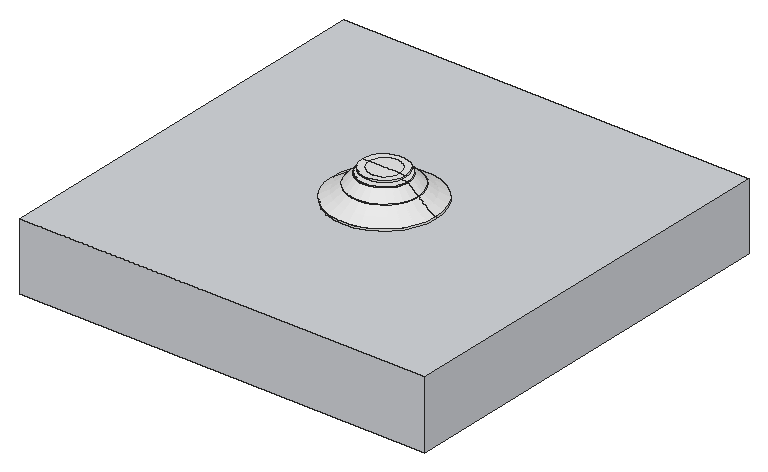
Revit family "SK-HEAT-HT-W.BIM", category Fire Alarm Devices, host Face, Revit 2020 (continued)
Lines and regions (in)
  symbolic lines, style "0", visible <- "Puck_Ceiling", not visible
    curve 573: arc (-7.40824, 0, 1.69596) -> (-7.85767, 0, 1.6895) -> (-8.30672, 0, 1.67013) r 15.63962
    curve 574: arc (-5.9519, 0, 1.35952) -> (-5.68707, 0, 1.07567) -> (-5.40168, 0, 0.8125) r 5.16892
    curve 575: arc (-6.50976, 0, 1.67013) -> (-6.95882, 0, 1.6895) -> (-7.40824, 0, 1.69596) r 15.63962
    curve 576: line (-5.9519, 0, 1.35952) -> (-6.00295, 0, 1.35952)
    curve 577: line (-6.00295, 0, 1.35952) -> (-6.00295, 0, 1.39297)
    curve 578: line (-6.00295, 0, 1.39297) -> (-7.40824, 0, 1.39297)
    curve 579: line (-7.40824, 0, 1.39297) -> (-8.81353, 0, 1.39297)
    curve 580: line (-8.81353, 0, 1.39297) -> (-8.81353, 0, 1.35952)
    curve 581: line (-8.81353, 0, 1.35952) -> (-8.86458, 0, 1.35952)
    curve 582: line (-7.13967, 0, 1.39297) -> (-7.13967, 0, 1.58784)
    curve 583: line (-7.13967, 0, 1.58784) -> (-6.13131, 0, 1.58784)
    curve 584: line (-6.13131, 0, 1.58784) -> (-6.13131, 0, 1.67013)
    curve 585: line (-6.13131, 0, 1.67013) -> (-6.50976, 0, 1.67013)
    curve 586: line (-6.50976, 0, 1.67013) -> (-8.30672, 0, 1.67013)
    curve 587: line (-8.30672, 0, 1.67013) -> (-8.68518, 0, 1.67013)
    curve 588: line (-8.68518, 0, 1.67013) -> (-8.68518, 0, 1.58784)
    curve 589: line (-8.68518, 0, 1.58784) -> (-7.67681, 0, 1.58784)
    curve 590: line (-7.67681, 0, 1.58784) -> (-7.67681, 0, 1.39297)
    curve 591: line (-7.40824, 0, 0) -> (-9.4148, 0, 0)
    curve 592: line (-9.4148, 0, 0) -> (-9.4148, 0, 0.8125)
    curve 593: line (-9.4148, 0, 0.8125) -> (-5.40168, 0, 0.8125)
    curve 594: line (-5.40168, 0, 0.8125) -> (-5.40168, 0, 0)
    curve 595: line (-5.40168, 0, 0) -> (-7.40824, 0, 0)
    curve 596: line (-8.81353, 0, 1.35952) -> (-6.00295, 0, 1.35952)
    curve 597: line (-7.67681, 0, 1.58784) -> (-7.13967, 0, 1.58784)
Dimensions and locks (in)
  "Base Thickness": plane 4 "Base Depth" to Extrusion 1
  plane 4 "Base Depth" to Extrusion 1 = 0' - 0 7/8"
  aligned and locked: plane 2 to Extrusion 1
  aligned and locked: level to Extrusion 1
Nested families (in)
  nested 1: "Detector Head-Select_Series" at (-0.00157, -0.00039, 0.875), type "Standard"
  nested 2: "DetectorBase-Select_Series" at (-0.00157, -0.00039, 0), type <- "Base Select", type "Flanged Base"
  nested 3: "Heat Det Annot 0" at (0.00532, 0, 0), type "Heat Det Annot 0"
Connectors (in)
  electrical at (0, 0, 0), driven by "Main Electrical Connection"
    settings: index 1, voltage 0 V, apparent load 0 VA, apparent load phase1 0 VA, apparent load phase2 0 VA, apparent load phase3 0 VA, power factor 1, load classification "Other", number of poles 1, system type 11, power factor state 1, is connector primary yes, connector utility no, sub classification motor no, connector description "Signaling Line Circuit"
Definition of nested family "Detector Head-Select_Series"
  Parameters
    URL = ""
    Mounting Requirements = ""
    Model = ""
    Manufacturer = ""
    Finish = none
    Description = ""
    Default Elevation = 4' - 0"
    Assembly Code = ""
  Reference planes (in)
    plane 1 "Center (Front/Back)": y = 0
    plane 2: z = 0
    plane 3 "Center (Left/Right)": x = 0
  Forms (in)
    Extrusion 1, solid
      sketch origin (0, 0, 0) x (1, 0, 0) y (0, 1, 0)
        loop
          line (-48, 48) -> (-48, -48) -> (48, -48) -> (48, 48) -> (-48, 48)
      from 0 to -12
    Revolve 2, solid, material <- "Finish"
      sketch origin (11.31755, 0, -3.91382) x (1, 0, 0) y (0, 0, 1)
        loop
          line (-12.72282, 4.44512) -> (-12.72282, 4.41168) -> (-12.77387, 4.41168)
          arc (-12.77387, 4.41168) -> (-13.03907, 4.12793) -> (-13.32282, 3.86273) r 5.75114
          line (-13.32282, 3.86273) -> (-13.32282, 3.09363) -> (-11.31753, 3.09363) -> (-11.31753, 4.74811)
          arc (-11.31753, 4.74811) -> (-11.76696, 4.74165) -> (-12.21601, 4.72228) r 15.63962
          line (-12.21601, 4.72228) -> (-12.59447, 4.72228) -> (-12.59447, 4.63999) -> (-11.5861, 4.63999) -> (-11.5861, 4.44512) -> (-12.72282, 4.44512)
        axis (-11.31753, 3.09363) -> (-11.31753, 4.74811)
      angle from 0 to 360
  Dimensions and locks (in)
    aligned and locked: plane 2 to Extrusion 1
    aligned and locked: level to Extrusion 1
Definition of nested family "DetectorBase-Select_Series"
  Parameters
    URL = ""
    Speciality Base = no
    Mounting Requirements = ""
    Model = ""
    Manufacturer = ""
    Flanged Base = yes
    Finish = none
    Description = ""
    Default Elevation = 4' - 0"
    Assembly Code = ""
  Reference planes (in)
    plane 1 "Center (Front/Back)": y = 0
    plane 2: z = 0
    plane 3 "Center (Left/Right)": x = 0
  Forms (in)
    Extrusion 1, solid
      sketch origin (0, 0, 0) x (1, 0, 0) y (0, 1, 0)
        loop
          line (-48, 48) -> (-48, -48) -> (48, -48) -> (48, 48) -> (-48, 48)
      from 0 to -12
    Revolve 2, solid, material <- "Finish", visible <- "Flanged Base"
      sketch origin (10.1757, 0, -4.73001) x (1, 0, 0) y (0, 0, 1)
        loop
          line (-10.17413, 4.73142) -> (-10.17413, 4.76939) -> (-12.19488, 4.76939) -> (-12.19488, 5.52812)
          arc (-12.19488, 5.52812) -> (-12.69964, 5.14949) -> (-13.24713, 4.8358) r 5.12142
          line (-13.24713, 4.8358) -> (-13.24713, 4.73142) -> (-10.17413, 4.73142)
        axis (-10.17413, 4.73142) -> (-10.17413, 5.52812)
      angle from 0 to 360
    Revolve 3, solid, material <- "Finish", visible <- "Speciality Base"
      sketch origin (-10.17836, 0, -38.5625) x (1, 0, 0) y (0, 0, 1)
        loop
          line (10.17836, 40.16685) -> (8.05865, 40.16685)
          arc (8.05865, 40.16685) -> (7.49601, 40.03864) -> (6.96355, 39.8162) r 3.36539
          line (6.96355, 39.8162) -> (6.93052, 39.78336) -> (6.80794, 39.50159) -> (6.79953, 39.44646) -> (6.74837, 38.55197) -> (10.17836, 38.55197) -> (10.17836, 40.16685)
        axis (10.17836, 38.55197) -> (10.17836, 40.16685)
      angle from 0 to 360
    Extrusion 4, solid, material <- "Finish", visible <- "Speciality Base"
      sketch origin (5.39929, 5.52411, 0) x (0, -1, 0) y (1, 0, 0)
        loop
          arc (6.3838, -2.07952) -> (5.52411, -1.96996) -> (4.66443, -2.07952) r 3.42775
          arc (4.66443, -2.07952) -> (4.34734, -3.07672) -> (3.798, -3.96733) r 4.28478
          arc (3.798, -3.96733) -> (3.4152, -4.63747) -> (3.28235, -5.39771) r 2.24176
          line (3.28235, -5.39771) -> (3.51444, -5.39771)
          arc (3.51444, -5.39771) -> (5.5249, -3.38962) -> (7.53378, -5.39929) r 2.00967
          line (7.53378, -5.39929) -> (7.76587, -5.39929)
          arc (7.76587, -5.39929) -> (7.63329, -4.63821) -> (7.25022, -3.96733) r 2.24176
          arc (7.25022, -3.96733) -> (6.70088, -3.07672) -> (6.3838, -2.07952) r 4.28478
      from 0 to 1.64949
    Extrusion 5, void
      sketch origin (0, 0, 0) x (1, 0, 0) y (0, 0, 1)
        loop
          arc (2.12173, 1.6356) -> (2.69391, 1.50795) -> (3.23363, 1.27907) r 3.23278
          line (3.23363, 1.27907) -> (3.27393, 1.23877) -> (3.4007, 0.94783) -> (3.40994, 0.88722) -> (3.42975, 0) -> (3.59572, 0) -> (3.59572, 2.1356) -> (0, 2.1356) -> (0, 1.6356) -> (2.12173, 1.6356)
      from -2.33358 to 2.3403
    Extrusion 6, solid, material <- "Finish", visible <- "Speciality Base"
      sketch origin (-5.39929, 5.52411, 0) x (0, -1, 0) y (1, 0, 0)
        loop
          arc (6.3838, 2.07952) -> (6.70088, 3.07672) -> (7.25022, 3.96733) r 4.28478
          arc (7.25022, 3.96733) -> (7.63329, 4.63821) -> (7.76587, 5.39929) r 2.24176
          line (7.76587, 5.39929) -> (7.53378, 5.39929)
          arc (7.53378, 5.39929) -> (5.5249, 3.38962) -> (3.51444, 5.39771) r 2.00967
          line (3.51444, 5.39771) -> (3.28235, 5.39771)
          arc (3.28235, 5.39771) -> (3.4152, 4.63747) -> (3.798, 3.96733) r 2.24176
          arc (3.798, 3.96733) -> (4.34734, 3.07672) -> (4.66443, 2.07952) r 4.28478
          arc (4.66443, 2.07952) -> (5.52411, 1.96996) -> (6.3838, 2.07952) r 3.42775
      from 0 to 1.64949
    Extrusion 7, void
      sketch origin (0, 0, 0) x (-1, 0, 0) y (0, 0, -1)
        loop
          line (2.12173, -1.6356) -> (0, -1.6356) -> (0, -2.1356) -> (3.59572, -2.1356) -> (3.59572, 0) -> (3.42975, 0) -> (3.40994, -0.88722) -> (3.4007, -0.94783) -> (3.27393, -1.23877) -> (3.23363, -1.27907)
          arc (3.23363, -1.27907) -> (2.69391, -1.50795) -> (2.12173, -1.6356) r 3.23278
      from -2.33358 to 2.3403
  Cuts and joins
    Extrusion 5, Extrusion 7 cuts Extrusion 4
    Extrusion 7 cuts Extrusion 6
  Dimensions and locks (in)
    aligned and locked: plane 2 to Extrusion 1
    aligned and locked: level to Extrusion 1
Definition of nested family "Heat Det Annot 0"
  Parameters
    Spare = ""
    SYMBOLTEXT = ""
    Haz = ""
    Det Type = "PT"
    Base Type = "RB"
  Reference planes (in)
    plane 1: y = 0
    plane 2: x = 0
  Lines and regions (in)
    detail lines
      curve 1: line (-0.03964, 0.08684, 0) -> (0.04459, 0.08684, 0)
      curve 2: line (0.04459, 0.08684, 0) -> (0.08801, 0, 0)
      curve 3: line (0.08801, 0, 0) -> (0.04466, -0.08508, 0)
      curve 4: line (0.04466, -0.08508, 0) -> (-0.04134, -0.08508, 0)
      curve 5: line (-0.04134, -0.08508, 0) -> (-0.08388, 0, 0)
      curve 6: line (-0.08388, 0, 0) -> (-0.03964, 0.08684, 0)
  Text (in)
    label "Det Type" at (0.09786, -0.08892, 0), shows "Det Type"
    label "Haz" at (-0.14233, 0.11278, 0), shows "Haz"
    label "Base Type\nSpare" at (-0.10511, -0.14827, 0), shows "Base Type", "Spare"
Types (10): name | Standard_Ceiling | Standard Base | Speciality_Ceiling | Specality Base | Puck_Ceiling | Puck Base | Model | Height | Finish | Diameter | Description | Base Thickness | Base Select | Base Label
  Detector_with_Flanged_Base_White | yes | yes | no | no | no | no | "SK-HEAT-HT-W/B300-6" | 0' - 1 11/16" | Plastic_SilentKnight_White | 0' - 6" | "Intelligent Plug-In Heat Detector-High Temp Detector / Flanged Mounting Base" | 0' - 0 7/8" | DetectorBase-Select_Series : Flanged Base | ""
  Detector_with_Flanged_Base_Black | yes | yes | no | no | no | no | "SK-HEAT-HT-W/B300-6/CK300-BL" | 0' - 1 11/16" | Plastic_SilentKnight_Black | 0' - 6" | "Intelligent Plug-In Heat Detector-High Temp Detector / Flanged Mounting Base/Color Kit" | 0' - 0 7/8" | DetectorBase-Select_Series : Flanged Base | ""
  Detector_with_Isolator_Base_White | no | no | yes | yes | no | no | "SK-HEAT-HT-W/B224BI" | 0' - 2 9/16" | Plastic_SilentKnight_White | 0' - 6 7/8" | "Intelligent Plug-In Heat Detector-High Temp Detector / Isolator Base" | 0' - 1 11/16" | DetectorBase-Select_Series : Speciality Base | "IB"
  Detector_with_Puck_Base_White | no | no | no | no | yes | yes | "SK-HEAT-HT-W/B501" | 0' - 1 11/16" | Plastic_SilentKnight_White | 0' - 4" | "Intelligent Plug-In Heat Detector-High Temp Detector / 4\" Mounting Base" | 0' - 0 7/8" | DetectorBase-Select_Series : Puck Base | "4\""
  Detector_with_Puck_Base_Black | no | no | no | no | yes | yes | "SK-HEAT-HT-W/B501-BL/CK300-BL" | 0' - 1 11/16" | Plastic_SilentKnight_Black | 0' - 4" | "Intelligent Plug-In Heat Detector-High Temp Detector / 4\" Mounting Base/Color Kit" | 0' - 0 7/8" | DetectorBase-Select_Series : Puck Base | "4\""
  Detector_with_Relay_Base_White | no | no | yes | yes | no | no | "SK-HEAT-HT-W/B224RB" | 0' - 2 9/16" | Plastic_SilentKnight_White | 0' - 6 7/8" | "Intelligent Plug-In Heat Detector-High Temp Detector / Relay Base" | 0' - 1 11/16" | DetectorBase-Select_Series : Speciality Base | "RB"
  Detector_with_Sounder_Base_White | no | no | yes | yes | no | no | "SK-HEAT-HT-W/B200SR" | 0' - 2 9/16" | Plastic_SilentKnight_White | 0' - 6 7/8" | "Intelligent Plug-In Heat Detector-High Temp Detector / Sounder Base" | 0' - 1 11/16" | DetectorBase-Select_Series : Speciality Base | "SB"
  Detector_with_Low_Freq_Sounder_Base_White | no | no | yes | yes | no | no | "SK-HEAT-HT-W/B200SR-LF" | 0' - 2 9/16" | Plastic_SilentKnight_White | 0' - 6 7/8" | "Intelligent Plug-In Heat Detector-High Temp Detector / Low Freq Sounder Base" | 0' - 1 11/16" | DetectorBase-Select_Series : Speciality Base | "LF"
  Detector_with_Low_Freq_Sync_Sounder_Base_White | no | no | yes | yes | no | no | "SK-HEAT-HT-W/B200S-LF" | 0' - 2 9/16" | Plastic_SilentKnight_White | 0' - 6 7/8" | "Intelligent Plug-In Heat Detector-High Temp Detector / Low Freq Sounder Base" | 0' - 1 11/16" | DetectorBase-Select_Series : Speciality Base | "LF"
  Detector_with_Sync_Sounder_Base_White | no | no | yes | yes | no | no | "SK-HEAT-HT-W/B200S" | 0' - 2 9/16" | Plastic_SilentKnight_White | 0' - 6 7/8" | "Intelligent Plug-In Heat Detector-High Temp Detector / Sounder Base" | 0' - 1 11/16" | DetectorBase-Select_Series : Speciality Base | "SB"
